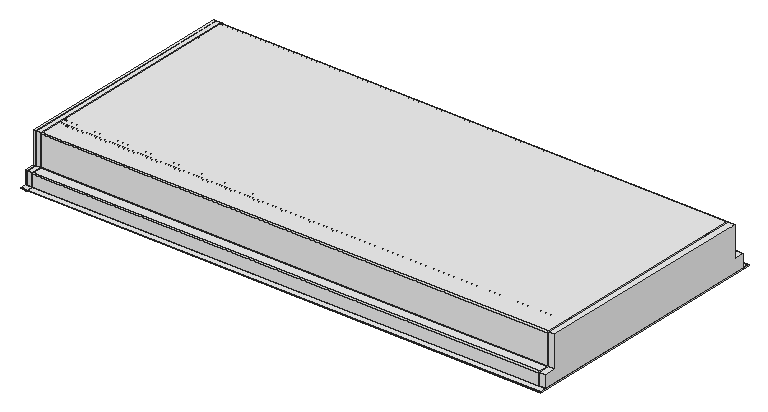
Revit family "CRUi-Red_Amber", category Lighting Fixtures, host Ceiling, Revit 2019
Family settings
  Host = Ceiling
  Round Connector Dimension = Use Diameter
  Part Type = Normal
  OmniClass Number = 23.80.70.11.14.17
  OmniClass Title = Direct/Indirect
  Always vertical = Yes
  Cut with Voids When Loaded = No
  Light Source = Yes
  Shared = No
  Room Calculation Point = No
Parameters (values of type "CRUi-2X4-LED840KxxxL/70AUNV-DSA")
  Width = 1' - 11 3/4"
  Wattage = 55.1181 W
  built-in parameter 1150110 = 1 (stored number, unit not read)
  Voltage = 120 V
  URL = "https://www.viscor.com/en/products/cru"
  built-in parameter 1114217 = 0.9 (stored number, unit not read)
  Tilt Angle = 90.00°
  built-in parameter 1150109 = 1 (stored number, unit not read)
  built-in parameter 1150134 = 12
  built-in parameter 1150113 = 1 (stored number, unit not read)
  Photometric Web File = "CRUi-2X4-LED840KxxxL_70AUNV-DSA.ies"
  Model = "CRU"  # constant formula
  Manufacturer = "Visioneering By Viscor"  # constant formula
  Lumens = 7000 lm
  built-in parameter 1150115 = 1 (stored number, unit not read)
  built-in parameter 1150105 = 557.04 (stored number, unit not read)
  built-in parameter 1150137 = (empty or 0)
  built-in parameter 1150139 = (empty or 0)
  Lens Finish = Acrylic - Viscor - Frosted Prismatic P12
  Length = 3' - 11 3/4"
  Lamp Wattage = 81 VA
  built-in parameter 1150112 = 1 (stored number, unit not read)
  built-in parameter 1150114 = 1 (stored number, unit not read)
  Lamp = "LED"  # constant formula
  built-in parameter 1150132 = 2
  built-in parameter 1150102 = (empty or 0)
  built-in parameter 1150138 = (empty or 0)
  built-in parameter 1150107 = 4000 (stored number, unit not read)
  built-in parameter 1150106 = 5.5704 (stored number, unit not read)
  Housing Finish = Metal - Viscor - White
  Emit from Rectangle Width = Width  # 1' - 11 3/4"
  Emit from Rectangle Length = Length  # 3' - 11 3/4"
  Emit Shape Visible in Rendering = no
  built-in parameter 1150104 = 11.799 (stored number, unit not read)
  Dimming Lamp Color Temperature Shift = <None>
  Description = "LED Cleanroom Recessed Universal"  # constant formula
  Color Filter = 4227327
  built-in parameter 1114218 = 1 (stored number, unit not read)
  built-in parameter 1150133 = 10 (stored number, unit not read)
  Assembly Code = ""
  Apparent Load = Lamp Wattage  # 81 VA
Types (15): name | Width | Wattage | Photometric Web File | Lumens | built-in parameter 1150105 | Length | Lamp Wattage | built-in parameter 1150106 | Emit from Rectangle Width | Emit from Rectangle Length | built-in parameter 1150104 | Color Filter | Assembly Code | Apparent Load
  (no name) | 1' - 11 3/4" | 55.1181 W | "CRUi-2X4-LED840KxxxL_70AUNV-DSA.ies" | 7000 lm | 557.04 (stored number, unit not read) | 3' - 11 3/4" | 81 VA | 5.5704 (stored number, unit not read) | 1' - 11 3/4" | 3' - 11 3/4" | 11.799 (stored number, unit not read) | 4227327 | "" | 81 VA
  CRUi-1X4-LED840K35L/35AUNV-DSA | 0' - 11 3/4" | 47.2973 W | "CRUi-1X4-LED840K35L_35AUNV-DSA.ies" | 3500 lm | 278.52 (stored number, unit not read) | 3' - 11 3/4" | 47 VA | 2.7852 (stored number, unit not read) | 0' - 11 3/4" | 3' - 11 3/4" | 6.8748 (stored number, unit not read) | 4227327 | "" | 47 VA
  CRUI-2X2-LED840KxxxL/10RUNV-DSA | 1' - 11 3/4" | 8.69565 W | "CRUI-2X2-LED840KxxxL_10RUNV-DSA.ies" | 1000 lm | 79.577 (stored number, unit not read) | 1' - 11 3/4" | 30 VA | 0.79577 (stored number, unit not read) | 1' - 11 3/4" | 1' - 11 3/4" | 10.684 (stored number, unit not read) | 255 | "" | 30 VA
  CRUI-2X4-LED840KxxxL/10RUNV-DSA | 1' - 11 3/4" | 8.13008 W | "CRUI-2X4-LED840KxxxL_10RUNV-DSA.ies" | 1000 lm | 79.577 (stored number, unit not read) | 3' - 11 3/4" | 27 VA | 0.79577 (stored number, unit not read) | 1' - 11 3/4" | 3' - 11 3/4" | 11.427 (stored number, unit not read) | 255 | "" | 27 VA
  CRUi-1X4-LED840K35L/55AUNV-DSA | 0' - 11 3/4" | 50.4587 W | "CRUi-1X4-LED840K35L_55AUNV-DSA.ies" | 5500 lm | 437.68 (stored number, unit not read) | 3' - 11 3/4" | 74 VA | 4.3768 (stored number, unit not read) | 0' - 11 3/4" | 3' - 11 3/4" | 10.126 (stored number, unit not read) | 4227327 | "" | 74 VA
  CRUi-1X4-LED840K35L/70AUNV-DSA | 0' - 11 3/4" | 67.3077 W | "CRUi-1X4-LED840K35L_70AUNV-DSA.ies" | 7000 lm | 557.04 (stored number, unit not read) | 3' - 11 3/4" | 94 VA | 5.5704 (stored number, unit not read) | 0' - 11 3/4" | 3' - 11 3/4" | 9.6619 (stored number, unit not read) | 4227327 | "" | 94 VA
  CRUi-1X4-LED840KxxxL/10RUNV-DSA | 0' - 11 3/4" | 9.52381 W | "CRUi-1X4-LED840KxxxL_10RUNV-DSA.ies" | 1000 lm | 79.577 (stored number, unit not read) | 3' - 11 3/4" | 31 VA | 0.79577 (stored number, unit not read) | 0' - 11 3/4" | 3' - 11 3/4" | 9.7548 (stored number, unit not read) | 255 | "D5020200" | 31 VA
  CRUi-2X2-LED840KxxxL/35AUNV-DSA | 1' - 11 3/4" | 31.5315 W | "CRUi-2X2-LED840KxxxL_35AUNV-DSA.ies" | 3500 lm | 278.52 (stored number, unit not read) | 1' - 11 3/4" | 46 VA | 2.7852 (stored number, unit not read) | 1' - 11 3/4" | 1' - 11 3/4" | 10.312 (stored number, unit not read) | 4227327 | "" | 46 VA
  CRUi-2X2-LED840KxxxL/55AUNV-DSA | 1' - 11 3/4" | 50.9259 W | "CRUi-2X2-LED840KxxxL_55AUNV-DSA.ies" | 5500 lm | 437.68 (stored number, unit not read) | 1' - 11 3/4" | 76 VA | 4.3768 (stored number, unit not read) | 1' - 11 3/4" | 1' - 11 3/4" | 10.034 (stored number, unit not read) | 4227327 | "" | 76 VA
  CRUi-2X2-LED840KxxxL/70AUNV-DSA | 1' - 11 3/4" | 64.2202 W | "CRUi-2X2-LED840KxxxL_70AUNV-DSA.ies" | 7000 lm | 557.04 (stored number, unit not read) | 1' - 11 3/4" | 72 VA | 5.5704 (stored number, unit not read) | 1' - 11 3/4" | 1' - 11 3/4" | 10.126 (stored number, unit not read) | 4227327 | "" | 72 VA
  CRUi-2X4-LED840KxxxL/20RUNV-DSA | 1' - 11 3/4" | 16.6667 W | "CRUi-2X4-LED840KxxxL_20RUNV-DSA.ies" | 2000 lm | 159.15 (stored number, unit not read) | 3' - 11 3/4" | 62 VA | 1.5915 (stored number, unit not read) | 1' - 11 3/4" | 3' - 11 3/4" | 11.148 (stored number, unit not read) | 255 | "" | 62 VA
  CRUi-2X4-LED840KxxxL/35AUNV-DSA | 1' - 11 3/4" | 27.7778 W | "CRUi-2X4-LED840KxxxL_35AUNV-DSA.ies" | 3500 lm | 278.52 (stored number, unit not read) | 3' - 11 3/4" | 41 VA | 2.7852 (stored number, unit not read) | 1' - 11 3/4" | 3' - 11 3/4" | 11.706 (stored number, unit not read) | 4227327 | "" | 41 VA
  CRUi-2X4-LED840KxxxL/55AUNV-DSA | 1' - 11 3/4" | 45.082 W | "CRUi-2X4-LED840KxxxL_55AUNV-DSA.ies" | 5500 lm | 437.68 (stored number, unit not read) | 3' - 11 3/4" | 61 VA | 4.3768 (stored number, unit not read) | 1' - 11 3/4" | 3' - 11 3/4" | 11.334 (stored number, unit not read) | 4227327 | "" | 61 VA
  CRUi-2X4-LED840KxxxL/70AUNV-DSA | 1' - 11 3/4" | 55.1181 W | "CRUi-2X4-LED840KxxxL_70AUNV-DSA.ies" | 7000 lm | 557.04 (stored number, unit not read) | 3' - 11 3/4" | 81 VA | 5.5704 (stored number, unit not read) | 1' - 11 3/4" | 3' - 11 3/4" | 11.799 (stored number, unit not read) | 4227327 | "" | 81 VA
  CRUi-2X4-LED840KxxxL/100AUNV-DSA | 1' - 11 3/4" | 81.9672 W | "CRUi-2X4-LED840KxxxL_100AUNV-DSA.ies" | 10000 lm | 795.77 (stored number, unit not read) | 3' - 11 3/4" | 122 VA | 7.9577 (stored number, unit not read) | 1' - 11 3/4" | 3' - 11 3/4" | 11.334 (stored number, unit not read) | 4227327 | "" | 122 VA
Reference planes (in)
  plane 1 "Light Source Axis (F/B)": y = 0
  plane 2 "Ceiling": z = 96
  plane 3 "Light Source Axis (L/R)": x = 0
  plane 4 "Light Source Elevation": z = 96
  plane 5: y = 11.875
  plane 6: y = -11.875
  plane 7 "Left": x = -23.875
  plane 8 "Right": x = 23.875
  plane 9: x = -23.25
  plane 10: x = 23.25
  plane 11: x = -22.625
  plane 12: x = 22.625
  plane 13 "USofFrame": z = 96.045
  plane 14: y = -11.25
  plane 15: y = 11.25
  plane 16 "Lens": z = 96.17
Forms (in)
  Extrusion 1, solid, material "Metal - Viscor - White" <- "Housing Finish"
    sketch origin (0, 0, 0) x (0, 1, 0) y (0, 0, 1)
      loop
        arc (11.3015, 97.168) -> (11.28217, 97.21467) -> (11.2355, 97.234) r 0.066
        line (11.2355, 97.234) -> (10.3115, 97.234)
        arc (10.3115, 97.234) -> (10.29029, 97.24279) -> (10.2815, 97.264) r 0.03
        line (10.2815, 97.264) -> (10.2815, 100.007)
        arc (10.2815, 100.007) -> (10.26217, 100.05367) -> (10.2155, 100.073) r 0.066
        line (10.2155, 100.073) -> (-10.2155, 100.073)
        arc (-10.2155, 100.073) -> (-10.26217, 100.05367) -> (-10.2815, 100.007) r 0.066
        line (-10.2815, 100.007) -> (-10.2815, 97.264)
        arc (-10.2815, 97.264) -> (-10.29029, 97.24279) -> (-10.3115, 97.234) r 0.03
        line (-10.3115, 97.234) -> (-11.2355, 97.234)
        arc (-11.2355, 97.234) -> (-11.28217, 97.21467) -> (-11.3015, 97.168) r 0.066
        line (-11.3015, 97.168) -> (-11.3015, 96.073) -> (-11.26634, 96.073) -> (-11.26634, 97.168)
        arc (-11.26634, 97.168) -> (-11.25731, 97.18981) -> (-11.2355, 97.19884) r 0.03084
        line (-11.2355, 97.19884) -> (-10.3115, 97.19884)
        arc (-10.3115, 97.19884) -> (-10.26543, 97.21793) -> (-10.24634, 97.264) r 0.06516
        line (-10.24634, 97.264) -> (-10.24634, 100.007)
        arc (-10.24634, 100.007) -> (-10.23731, 100.02881) -> (-10.2155, 100.03784) r 0.03084
        line (-10.2155, 100.03784) -> (10.2155, 100.03784)
        arc (10.2155, 100.03784) -> (10.23731, 100.02881) -> (10.24634, 100.007) r 0.03084
        line (10.24634, 100.007) -> (10.24634, 97.264)
        arc (10.24634, 97.264) -> (10.26543, 97.21793) -> (10.3115, 97.19884) r 0.06516
        line (10.3115, 97.19884) -> (11.2355, 97.19884)
        arc (11.2355, 97.19884) -> (11.25731, 97.18981) -> (11.26634, 97.168) r 0.03084
        line (11.26634, 97.168) -> (11.26634, 96.073) -> (11.3015, 96.073) -> (11.3015, 97.168)
    from -23.25 to 23.25
  Extrusion 2, solid
    sketch origin (0, 0, 0) x (0, 1, 0) y (0, 0, 1)
      loop
        arc (7.664, 100.03702) -> (7.61097, 100.01506) -> (7.58901, 99.96204) r 0.07499
        line (7.58901, 99.96204) -> (7.589, 99.487)
        arc (7.589, 99.487) -> (7.57758, 99.45942) -> (7.55, 99.448) r 0.039
        line (7.55, 99.448) -> (-7.55, 99.448)
        arc (-7.55, 99.448) -> (-7.57758, 99.45942) -> (-7.589, 99.487) r 0.039
        line (-7.589, 99.487) -> (-7.589, 99.96195)
        arc (-7.589, 99.96195) -> (-7.61097, 100.01498) -> (-7.664, 100.037) r 0.075
        line (-7.664, 100.037) -> (-8.214, 100.037) -> (-8.214, 100.00184) -> (-7.664, 100.00179)
        arc (-7.664, 100.00179) -> (-7.63583, 99.99012) -> (-7.62416, 99.96195) r 0.03984
        line (-7.62416, 99.96195) -> (-7.62416, 99.487)
        arc (-7.62416, 99.487) -> (-7.60244, 99.43456) -> (-7.55, 99.41284) r 0.07416
        line (-7.55, 99.41284) -> (7.55, 99.41284)
        arc (7.55, 99.41284) -> (7.60244, 99.43456) -> (7.62417, 99.487) r 0.07416
        line (7.62417, 99.487) -> (7.62417, 99.96204)
        arc (7.62417, 99.96204) -> (7.63583, 99.9902) -> (7.664, 100.00187) r 0.03983
        line (7.664, 100.00187) -> (8.214, 100.00187) -> (8.214, 100.03702) -> (7.664, 100.03702)
    from -23.25 to 23.25
  Extrusion 3, solid, material "Metal - Viscor - White" <- "Housing Finish"
    sketch origin (0, 0, 0) x (0, 1, 0) y (0, 0, 1)
      loop
        line (11.299, 96.095) -> (11.299, 97.234) -> (10.2815, 97.234) -> (10.2815, 100.073) -> (-10.2815, 100.073) -> (-10.2815, 97.234) -> (-11.3015, 97.234) -> (-11.3015, 96.095) -> (11.299, 96.095)
    from -23.875 to -23.25
  Extrusion 4, void
    sketch origin (-23.25, 0, 0) x (0, -1, 0) y (0, 0, 1)
      loop
        line (10.24634, 100.03784) -> (-10.24634, 100.03784) -> (-10.24634, 97.19884) -> (-11.26384, 97.19884) -> (-11.26384, 96.13016) -> (11.26634, 96.13016) -> (11.26634, 97.19884) -> (10.24634, 97.19884) -> (10.24634, 100.03784)
    from 0 to 0.47339
  Extrusion 5, solid, material "Metal - Viscor - White" <- "Housing Finish"
    sketch origin (0, 0, 0) x (0, 1, 0) y (0, 0, -1)
      loop
        line (11.299, -96.095) -> (-11.3015, -96.095) -> (-11.3015, -97.234) -> (-10.2815, -97.234) -> (-10.2815, -100.073) -> (10.2815, -100.073) -> (10.2815, -97.234) -> (11.299, -97.234) -> (11.299, -96.095)
    from -23.875 to -23.25
  Extrusion 6, void
    sketch origin (23.25, 0, 0) x (0, -1, 0) y (0, 0, -1)
      loop
        line (10.24634, -100.03784) -> (10.24634, -97.19884) -> (11.26634, -97.19884) -> (11.26634, -96.13016) -> (-11.26384, -96.13016) -> (-11.26384, -97.19884) -> (-10.24634, -97.19884) -> (-10.24634, -100.03784) -> (10.24634, -100.03784)
    from 0 to 0.47339
  Extrusion 7, solid, material "Metal - Viscor - White" <- "Housing Finish"
    sketch origin (0, 0, 0) x (0, 1, 0) y (0, 0, 1)
      loop
        line (10.39827, 96.724) -> (9.1406, 97.23213) -> (7.45632, 99.38791)
        arc (7.45632, 99.38791) -> (7.43432, 99.40566) -> (7.40677, 99.412) r 0.063
        line (7.40677, 99.412) -> (6.8125, 99.412) -> (6.8125, 99.38075) -> (7.42226, 99.38075) -> (9.12113, 97.20629) -> (10.38657, 96.69503) -> (10.39827, 96.724)
    from -22.625 to 22.625
  Extrusion 8, solid, material "Metal - Viscor - White" <- "Housing Finish"
    sketch origin (0, 0, 0) x (0, -1, 0) y (0, 0, -1)
      loop
        line (10.39827, -96.724) -> (10.38657, -96.69503) -> (9.12113, -97.20629) -> (7.42226, -99.38075) -> (6.8125, -99.38075) -> (6.8125, -99.412) -> (7.40677, -99.412)
        arc (7.40677, -99.412) -> (7.43432, -99.40566) -> (7.45632, -99.38791) r 0.063
        line (7.45632, -99.38791) -> (9.1406, -97.23213) -> (10.39827, -96.724)
    from -22.625 to 22.625
  Extrusion 9, solid, material "Metal - Viscor - White" <- "Housing Finish"
    sketch origin (0, 0, 0) x (0, 1, 0) y (0, 0, 1)
      loop
        line (11.8745, 96) -> (11.8745, 96.04687) -> (11.2715, 96.04688)
        arc (11.2715, 96.04688) -> (11.24313, 96.05863) -> (11.23067, 96.087) r 0.04012
        line (11.23067, 96.087) -> (11.23067, 96.63488) -> (-11.23138, 96.63488) -> (-11.23138, 96.087)
        arc (-11.23138, 96.087) -> (-11.24313, 96.05863) -> (-11.2715, 96.04687) r 0.04012
        line (-11.2715, 96.04687) -> (-11.8745, 96.04687) -> (-11.8745, 96) -> (-11.2715, 96)
        arc (-11.2715, 96) -> (-11.20998, 96.02548) -> (-11.1845, 96.087) r 0.087
        line (-11.1845, 96.087) -> (-11.1845, 96.588) -> (11.18379, 96.588) -> (11.1845, 96.087)
        arc (11.1845, 96.087) -> (11.20998, 96.02548) -> (11.2715, 96) r 0.087
        line (11.2715, 96) -> (11.8745, 96)
    from -23.875 to 23.875
  Extrusion 10, solid, material "Metal - Viscor - White" <- "Housing Finish"
    sketch origin (0, 0, 96) x (1, 0, 0) y (0, 1, 0)
      loop
        line (-23.875, -11.875) -> (-23.25, -11.875) -> (-23.25, 11.875) -> (-23.875, 11.875) -> (-23.875, -11.875)
    from 0 to 0.045
  Extrusion 11, solid, material "Metal - Viscor - White" <- "Housing Finish"
    sketch origin (0, 0, 96) x (1, 0, 0) y (0, 1, 0)
      loop
        line (23.25, -11.875) -> (23.875, -11.875) -> (23.875, 11.875) -> (23.25, 11.875) -> (23.25, -11.875)
    from 0 to 0.045
  Extrusion 12, solid, material "Metal - Viscor - White" <- "Housing Finish"
    sketch origin (0, 0, 96) x (1, 0, 0) y (0, 1, 0)
      loop
        line (-23.25, -11.25) -> (23.25, -11.25) -> (23.25, 11.25) -> (-23.25, 11.25) -> (-23.25, -11.25)
      loop
        line (-22, -10) -> (22, -10) -> (22, 10) -> (-22, 10) -> (-22, -10)
    from 0 to 0.045
  Extrusion 13, void
    sketch origin (0, 0, 96) x (1, 0, 0) y (0, 1, 0)
      loop
        line (-22.625, -9.5905) -> (22.625, -9.5905) -> (22.625, 9.5905) -> (-22.625, 9.5905) -> (-22.625, -9.5905)
    from 0.048 to 0.25572
  Extrusion 14, solid, material "Acrylic - Viscor - Frosted Prismatic P12" <- "Lens Finish"
    sketch origin (0, 0, 96) x (1, 0, 0) y (0, 1, 0)
      loop
        line (-22.25, -10.25) -> (22.25, -10.25) -> (22.25, 10.25) -> (-22.25, 10.25) -> (-22.25, -10.25)
    from 0.045 to 0.17
  Extrusion 15, void
    sketch origin (43.99109, -53.88196, 0) x (1, 0, 0) y (0, 1, 0)
      loop
        line (-67.86609, 65.75696) -> (-67.86609, 42.00696) -> (-20.11609, 42.00696) -> (-20.11609, 65.75696) -> (-67.86609, 65.75696)
    from 95.81772 to 100.22433
Cuts and joins
  Extrusion 4, Extrusion 6, Extrusion 13 cuts Extrusion 2
  Extrusion 4, Extrusion 6 cuts Extrusion 3
  Extrusion 6 cuts Extrusion 5
  Extrusion 13 cuts Extrusion 1
  Extrusion 13 cuts Extrusion 7
  Extrusion 13 cuts Extrusion 8
  Extrusion 13 cuts Extrusion 9
  Extrusion 13 cuts Extrusion 12
Dimensions and locks (in)
  equal spacing: host sketch curve, plane 3 "Light Source Axis (L/R)", host sketch curve
  equal spacing: host sketch curve, plane 1 "Light Source Axis (F/B)", host sketch curve
  host sketch curve to host sketch curve = 10' - 0"  (x2)
  locked: import instance to host ceiling at 4.109
  equal spacing: plane 7 "Left", plane 3 "Light Source Axis (L/R)", plane 8 "Right"
  "Length": plane 7 "Left" to plane 8 "Right"
  equal spacing: plane 5, plane 1 "Light Source Axis (F/B)", plane 6
  "Width": plane 5 to plane 6
  locked: plane 11 to plane 9 at 0.625
  locked: plane 7 "Left" to plane 9 at 0.625
  plane 12 to plane 10 = 0' - 0 5/8"
  plane 10 to plane 8 "Right" = 0' - 0 5/8"
  locked: plane 13 "USofFrame" to plane 2 "Ceiling" at 0.045
  equal spacing: plane 5, Extrusion 12 sketch curve, Extrusion 12 sketch curve
  equal spacing: plane 7 "Left", Extrusion 12 sketch curve, Extrusion 12 sketch curve
  locked: plane 6 to Extrusion 12 sketch curve at 0.625
  locked: plane 8 "Right" to Extrusion 12 sketch curve at 0.625
  plane 16 "Lens" to plane 13 "USofFrame" = 0' - 0 1/8"
  aligned and locked: plane 3 "Light Source Axis (L/R)" to imposter light
  aligned and locked: plane 1 "Light Source Axis (F/B)" to imposter light
  aligned and locked: plane 4 "Light Source Elevation" to imposter light
  aligned and locked: Extrusion 1 to plane 9
  aligned and locked: plane 10 to Extrusion 1
  aligned and locked: Extrusion 2 to plane 9
  aligned and locked: plane 10 to Extrusion 2
  aligned and locked: Extrusion 3 to plane 7 "Left"
  aligned and locked: plane 9 to Extrusion 3
  aligned and locked: Extrusion 7 to plane 11
  aligned and locked: plane 12 to Extrusion 7
  aligned and locked: Extrusion 8 to plane 11
  aligned and locked: plane 12 to Extrusion 8
  aligned and locked: plane 8 "Right" to cut or joined group of Extrusion 5, Extrusion 6
  aligned and locked: cut or joined group of Extrusion 5, Extrusion 6 to plane 10
  aligned and locked: Extrusion 9 to plane 7 "Left"
  aligned and locked: plane 8 "Right" to Extrusion 9
  aligned and locked: Extrusion 10 sketch curve to plane 7 "Left"
  aligned and locked: plane 9 to Extrusion 10 sketch curve
  aligned and locked: plane 13 "USofFrame" to Extrusion 10
  aligned and locked: Extrusion 11 sketch curve to plane 10
  aligned and locked: Extrusion 11 sketch curve to plane 6
  aligned and locked: plane 5 to Extrusion 11 sketch curve
  aligned and locked: plane 13 "USofFrame" to Extrusion 11
  aligned and locked: plane 13 "USofFrame" to Extrusion 12
  aligned and locked: Extrusion 14 to plane 13 "USofFrame"
  aligned and locked: plane 16 "Lens" to Extrusion 14
  aligned and locked: Extrusion 15 to plane 7 "Left"
  aligned and locked: plane 8 "Right" to Extrusion 15
  aligned and locked: Extrusion 15 to plane 6
  aligned and locked: plane 5 to Extrusion 15
Automatic sketch dimensions
  Extrusion 1 sketch curve to Extrusion 1 sketch curve = 0' - 0"  (x12)
  plane 2 "Ceiling" to Extrusion 1 sketch curve = 0' - 0.073"  (x2)
  plane 6 to Extrusion 1 sketch curve = 0' - 0.5735"
  Extrusion 1 sketch curve to Extrusion 1 sketch curve = 0' - 0 9/256"
  Extrusion 1 sketch curve to Extrusion 1 sketch curve = 0' - 0.03084"  (x4)
  Extrusion 1 sketch curve to Extrusion 1 sketch curve = 0' - 0.924"
  Extrusion 1 sketch curve to Extrusion 1 sketch curve = 0' - 0.03"  (x2)
  Extrusion 1 sketch curve to plane 5 = 0' - 1.6595"
  Extrusion 1 sketch curve to plane 5 = 0' - 0.6395"
  Extrusion 1 sketch curve to Extrusion 1 sketch curve = 0' - 1.095"  (x2)
  Extrusion 1 sketch curve to Extrusion 1 sketch curve = 0' - 2.743"
  Extrusion 2 sketch curve to Extrusion 2 sketch curve = 0' - 0"  (x18)
  plane 6 to Extrusion 2 sketch curve = 0' - 3.661"
  Extrusion 2 sketch curve to Extrusion 2 sketch curve = 0' - 0.55"  (x2)
  Extrusion 2 sketch curve to Extrusion 2 sketch curve = 0' - 0.03984"
  Extrusion 2 sketch curve to Extrusion 2 sketch curve = 0' - 0 9/256"  (x4)
  Extrusion 2 sketch curve to Extrusion 2 sketch curve = 0' - 0.039"  (x3)
  Extrusion 2 sketch curve to plane 5 = 0' - 4.325"
  Extrusion 2 sketch curve to Extrusion 2 sketch curve = 0' - 0.03901"
  Extrusion 2 sketch curve to Extrusion 2 sketch curve = 0' - 0.03983"
  plane 2 "Ceiling" to Extrusion 2 sketch curve = 0' - 3.41284"
  Extrusion 2 sketch curve to Extrusion 2 sketch curve = 0' - 0.47495"
  Extrusion 2 sketch curve to Extrusion 2 sketch curve = 0' - 0.47504"
  Extrusion 2 sketch curve to Extrusion 2 sketch curve = 0' - 0.00005"
  plane 2 "Ceiling" to Extrusion 3 sketch curve = 0' - 0.095"
  plane 6 to Extrusion 3 sketch curve = 0' - 0.5735"
  Extrusion 3 sketch curve to Extrusion 3 sketch curve = 0' - 1.02"
  Extrusion 3 sketch curve to plane 5 = 0' - 1.5935"
  Extrusion 3 sketch curve to plane 5 = 0' - 0.576"
  Extrusion 3 sketch curve to Extrusion 3 sketch curve = 0' - 1.139"  (x2)
  Extrusion 3 sketch curve to Extrusion 3 sketch curve = 0' - 2.839"
  Extrusion 3 to Extrusion 4 sketch curve = 0' - 0 9/256"  (x8)
  plane 2 "Ceiling" to Extrusion 5 sketch curve = 0' - 0.095"
  plane 6 to Extrusion 5 sketch curve = 0' - 0.5735"
  Extrusion 5 sketch curve to Extrusion 5 sketch curve = 0' - 1.02"
  Extrusion 5 sketch curve to plane 5 = 0' - 1.5935"
  Extrusion 5 sketch curve to plane 5 = 0' - 0.576"
  plane 2 "Ceiling" to Extrusion 5 sketch curve = 0' - 1.234"
  Extrusion 5 sketch curve to Extrusion 5 sketch curve = 0' - 1.139"
  Extrusion 5 sketch curve to Extrusion 5 sketch curve = 0' - 2.839"
  Extrusion 5 to Extrusion 6 sketch curve = 0' - 0 9/256"  (x8)
  Extrusion 7 sketch curve to plane 5 = 0' - 5 1/16"
  Extrusion 7 sketch curve to Extrusion 7 sketch curve = 0' - 0.59427"
  Extrusion 7 sketch curve to Extrusion 7 sketch curve = 0' - 0.01549"
  Extrusion 7 sketch curve to Extrusion 7 sketch curve = 0' - 0.03406"
  plane 2 "Ceiling" to Extrusion 7 sketch curve = 0' - 1.20629"
  Extrusion 7 sketch curve to Extrusion 7 sketch curve = 0' - 1.71436"
  plane 2 "Ceiling" to Extrusion 7 sketch curve = 0' - 1.23213"
  Extrusion 7 sketch curve to Extrusion 7 sketch curve = 0' - 0.01947"
  plane 2 "Ceiling" to Extrusion 7 sketch curve = 0' - 0.69503"
  Extrusion 7 sketch curve to Extrusion 7 sketch curve = 0' - 1.24597"
  Extrusion 7 sketch curve to Extrusion 7 sketch curve = 0' - 2.11687"
  Extrusion 7 sketch curve to Extrusion 7 sketch curve = 0' - 0.03175"
  Extrusion 7 sketch curve to Extrusion 7 sketch curve = 0' - 0.00716"
  Extrusion 7 sketch curve to Extrusion 7 sketch curve = 0' - 0 1/32"
  Extrusion 7 sketch curve to Extrusion 7 sketch curve = 0' - 0"
  Extrusion 8 sketch curve to plane 6 = 0' - 5 1/16"
  Extrusion 8 sketch curve to Extrusion 8 sketch curve = 0' - 0.59427"
  Extrusion 8 sketch curve to Extrusion 8 sketch curve = 0' - 0.01549"
  Extrusion 8 sketch curve to Extrusion 8 sketch curve = 0' - 0.03406"
  Extrusion 8 sketch curve to plane 2 "Ceiling" = 0' - 1.20629"
  Extrusion 8 sketch curve to Extrusion 8 sketch curve = 0' - 1.71436"
  Extrusion 8 sketch curve to plane 2 "Ceiling" = 0' - 1.23213"
  Extrusion 8 sketch curve to Extrusion 8 sketch curve = 0' - 0.01947"
  Extrusion 8 sketch curve to plane 2 "Ceiling" = 0' - 0.69503"
  Extrusion 8 sketch curve to Extrusion 8 sketch curve = 0' - 1.24597"
  Extrusion 8 sketch curve to Extrusion 8 sketch curve = 0' - 2.11687"
  Extrusion 8 sketch curve to Extrusion 8 sketch curve = 0' - 0.03175"
  Extrusion 8 sketch curve to Extrusion 8 sketch curve = 0' - 0.00716"
  Extrusion 8 sketch curve to Extrusion 8 sketch curve = 0' - 0 1/32"
  Extrusion 8 sketch curve to Extrusion 8 sketch curve = 0' - 0"
  Extrusion 9 sketch curve to Extrusion 9 sketch curve = 0' - 0"  (x15)
  plane 6 to Extrusion 9 sketch curve = 0' - 0.0005"
  plane 2 "Ceiling" to Extrusion 9 sketch curve = 0' - 0.087"  (x2)
  plane 6 to Extrusion 9 sketch curve = 0' - 0.6035"
  Extrusion 9 sketch curve to Extrusion 9 sketch curve = 0' - 0.04013"
  Extrusion 9 sketch curve to Extrusion 9 sketch curve = 0' - 0 3/64"  (x3)
  Extrusion 9 sketch curve to plane 5 = 0' - 0.69121"
  Extrusion 9 sketch curve to Extrusion 9 sketch curve = 0' - 0.04083"
  plane 2 "Ceiling" to Extrusion 9 sketch curve = 0' - 0 3/64"
  Extrusion 9 sketch curve to plane 2 "Ceiling" = 0' - 0"  (x2)
  Extrusion 9 sketch curve to Extrusion 9 sketch curve = 0' - 0.501"
  Extrusion 9 sketch curve to Extrusion 9 sketch curve = 0' - 0.00071"  (x2)
  Extrusion 9 sketch curve to plane 5 = 0' - 0.0005"
  Extrusion 10 sketch curve to plane 6 = 0' - 0"
  Extrusion 10 sketch curve to plane 5 = 0' - 0"
  Extrusion 11 sketch curve to plane 8 "Right" = 0' - 0"
  Extrusion 12 sketch curve to plane 9 = 0' - 0"
  plane 11 to Extrusion 12 sketch curve = 0' - 0 5/8"
  Extrusion 12 sketch curve to plane 12 = 0' - 0 5/8"
  Extrusion 12 sketch curve to Extrusion 12 sketch curve = 0' - 1 1/4"
  Extrusion 12 sketch curve to plane 5 = 0' - 1 7/8"
  Extrusion 12 sketch curve to plane 5 = 0' - 0 5/8"
  Extrusion 13 sketch curve to plane 11 = 0' - 0"
  Extrusion 13 sketch curve to plane 12 = 0' - 0"
  plane 6 to Extrusion 13 sketch curve = 0' - 2.2845"
  Extrusion 13 sketch curve to plane 5 = 0' - 2.2845"
  plane 11 to Extrusion 14 sketch curve = 0' - 0 3/8"
  Extrusion 14 sketch curve to plane 12 = 0' - 0 3/8"
  plane 6 to Extrusion 14 sketch curve = 0' - 1 5/8"
  Extrusion 14 sketch curve to plane 5 = 0' - 1 5/8"
  Extrusion 15 sketch curve to plane 5 = 1' - 11 3/4"
  Extrusion 15 sketch curve to plane 7 "Left" = 0' - 0"
  plane 7 "Left" to Extrusion 15 sketch curve = 3' - 11 3/4"
  Extrusion 15 sketch curve to Extrusion 15 sketch curve = 1' - 11 3/4"
Connectors (in)
  electrical at (0, 0, 96), driven by "Voltage", driven by "Apparent Load"
    settings: index 1, voltage 120 V, apparent load 0 VA, apparent load phase1 81 VA, apparent load phase2 0 VA, apparent load phase3 0 VA, power factor 1, load classification "Other", number of poles 1, system type 31, power factor state 1, is connector primary yes, connector utility no, sub classification motor no, connector description ""
